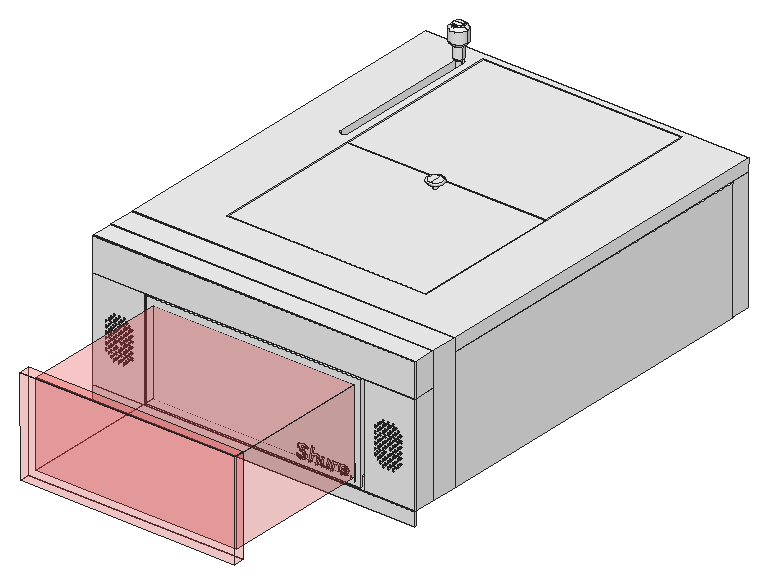
Revit family "Security_ShureSAFE-SPT217", category Generic Models, Revit 2026
Family settings
  Can host rebar = No
  Round Connector Dimension = Use Diameter
  Part Type = Normal
  Work Plane-Based = No
  Always vertical = Yes
  Cut with Voids When Loaded = No
  Maintain Annotation Orientation = No
  Shared = No
  Room Calculation Point = No
Parameters
  URL = "https://www.shuresafe.com/product-category/secure-transaction-drawers/"
  Type Comments = ""
  Specifications = "https://www.arcat.com/company/shure-mfg--corp-35487/spec"
  ProductData = "https://www.arcat.com/arcatcos/cos35/arc35487.html"
  Model = "SPT217"
  Manufacturer = "ShureSAFE"
  Keynote = ""
  Description = ""
  Default Elevation = 0' - 0"
  Cost = 0
  Clearence [instance] = yes
  CADDetails = "https://www.arcat.com/company/shure-mfg--corp-35487/cad"
  Assembly Code = "119713"
Reference planes (in)
  plane 1 "Center (Front/Back)": y = 0
  plane 2: z = 0
  plane 3 "Center (Left/Right)": x = 0
  plane 4: z = 0
  plane 5: y = 7.3758
  plane 6: x = -12
  plane 7: x = 12
  plane 8: z = 8.84375
  plane 9: z = 7.84375
  plane 10: x = -8
  plane 11: x = 8
  plane 12: z = 6.25569
  plane 13: z = 2.63069
  plane 14: y = 38.3758
  plane 15: y = 40.05757
  plane 16: y = -4.3742
  plane 17: z = -1.15625
Forms (in)
  Extrusion 1, solid, material "ShureSAFE"
    sketch origin (0.01682, 19.6258, 0) x (0, -1, 0) y (1, 0, 0)
      loop
        line (8.57169, -12.01682) -> (8.57169, -11.08521) -> (-17.27497, -11.08521) -> (-17.27497, -12.01682) -> (8.57169, -12.01682)
      loop
        line (8.57102, 11.0802) -> (8.57102, 11.98318) -> (-17.27497, 11.98318) -> (-17.27497, 11.0802) -> (8.57102, 11.0802)
      loop
        line (-18.75, -12.01682) -> (-17.3089, -12.01682) -> (-17.3089, 11.98318) -> (-18.75, 11.98318) -> (-18.75, -12.01682)
    from -1.15625 to 7.84375
  Extrusion 2, solid, not visible
    sketch origin (-1.52417, -6.7296, 0) x (0.707107, -0.707107, 0) y (0, 0, 1)
      loop
        circle (1, 21.8954) r 0.25
    from 0 to 5.8425
  Extrusion 3, solid, not visible
    sketch origin (-1.52417, -6.7296, 0) x (0.707107, -0.707107, 0) y (0, 0, 1)
      loop
        circle (1, 21.8954) r 0.5
    from 5.8125 to 6.125
  Extrusion 4, solid, material "ShureSAFE"
    sketch origin (0, 0, 0) x (1, 0, 0) y (0, 0, 1)
      loop
        line (-12, -2.15625) -> (12, -2.15625) -> (12, -1.15625) -> (-12, -1.15625) -> (-12, -2.15625)
      loop
        line (-8.16676, -1.11719) -> (-8.16676, 6.31607) -> (-12, 6.31607) -> (-12, -1.11719) -> (-8.16676, -1.11719)
      loop
        line (8.22105, -1.11719) -> (12, -1.11719) -> (12, 6.31607) -> (8.22105, 6.31607) -> (8.22105, -1.11719)
      loop
        line (-12, 6.35513) -> (12, 6.35513) -> (12, 8.84375) -> (-12, 8.84375) -> (-12, 6.35513)
      loop
        circle (-10.7469, 3.70058) r 0.09375
      loop
        circle (-10.9344, 3.51308) r 0.09375
      loop
        circle (-10.5594, 3.88808) r 0.09375
      loop
        circle (-10.3719, 4.07558) r 0.09375
      loop
        circle (-10.1844, 3.88808) r 0.09375
      loop
        circle (-9.9969, 4.07558) r 0.09375
      loop
        circle (-9.6219, 4.07558) r 0.09375
      loop
        circle (-9.4344, 3.88808) r 0.09375
      loop
        circle (-10.7469, 3.32558) r 0.09375
      loop
        circle (-10.5594, 3.51308) r 0.09375
      loop
        circle (-10.3719, 3.70058) r 0.09375
      loop
        circle (-9.9969, 3.70058) r 0.09375
      loop
        circle (-9.8094, 3.88808) r 0.09375
      loop
        circle (-9.6219, 3.70058) r 0.09375
      loop
        circle (-9.2469, 3.70058) r 0.09375
      loop
        circle (-9.0594, 3.51308) r 0.09375
      loop
        circle (-9.4344, 3.51308) r 0.09375
      loop
        circle (-9.2469, 3.32558) r 0.09375
      loop
        circle (-10.9344, 3.13808) r 0.09375
      loop
        circle (-10.5594, 3.13808) r 0.09375
      loop
        circle (-10.3719, 3.32558) r 0.09375
      loop
        circle (-10.1844, 3.51308) r 0.09375
      loop
        circle (-9.8094, 3.51308) r 0.09375
      loop
        circle (-9.6219, 3.32558) r 0.09375
      loop
        circle (-9.9969, 3.32558) r 0.09375
      loop
        circle (-10.1844, 3.13808) r 0.09375
      loop
        circle (-10.3719, 2.95058) r 0.09375
      loop
        circle (-10.7469, 2.95058) r 0.09375
      loop
        circle (-10.9344, 2.76308) r 0.09375
      loop
        circle (-10.5594, 2.76308) r 0.09375
      loop
        circle (-10.1844, 2.76308) r 0.09375
      loop
        circle (-9.9969, 2.95058) r 0.09375
      loop
        circle (-9.8094, 3.13808) r 0.09375
      loop
        circle (-9.4344, 3.13808) r 0.09375
      loop
        circle (-9.0594, 3.13808) r 0.09375
      loop
        circle (-9.2469, 2.95058) r 0.09375
      loop
        circle (-9.4344, 2.76308) r 0.09375
      loop
        circle (-9.6219, 2.95058) r 0.09375
      loop
        circle (-9.0594, 2.76308) r 0.09375
      loop
        circle (-9.2469, 2.57558) r 0.09375
      loop
        circle (-9.4344, 2.38808) r 0.09375
      loop
        circle (-9.6219, 2.57558) r 0.09375
      loop
        circle (-9.8094, 2.76308) r 0.09375
      loop
        circle (-9.9969, 2.57558) r 0.09375
      loop
        circle (-10.3719, 2.57558) r 0.09375
      loop
        circle (-10.7469, 2.57558) r 0.09375
      loop
        circle (-10.9344, 2.38808) r 0.09375
      loop
        circle (-10.7469, 2.20058) r 0.09375
      loop
        circle (-10.5594, 2.38808) r 0.09375
      loop
        circle (-10.1844, 2.38808) r 0.09375
      loop
        circle (-9.8094, 2.38808) r 0.09375
      loop
        circle (-9.6219, 2.20058) r 0.09375
      loop
        circle (-9.2469, 2.20058) r 0.09375
      loop
        circle (-9.0594, 2.38808) r 0.09375
      loop
        circle (-9.0594, 2.01308) r 0.09375
      loop
        circle (-9.2469, 1.82558) r 0.09375
      loop
        circle (-9.4344, 2.01308) r 0.09375
      loop
        circle (-9.6219, 1.82558) r 0.09375
      loop
        circle (-9.8094, 2.01308) r 0.09375
      loop
        circle (-9.9969, 1.82558) r 0.09375
      loop
        circle (-10.1844, 2.01308) r 0.09375
      loop
        circle (-10.3719, 2.20058) r 0.09375
      loop
        circle (-10.5594, 2.01308) r 0.09375
      loop
        circle (-10.9344, 2.01308) r 0.09375
      loop
        circle (-10.7469, 1.82558) r 0.09375
      loop
        circle (-10.3719, 1.82558) r 0.09375
      loop
        circle (-10.5594, 1.63808) r 0.09375
      loop
        circle (-10.9344, 1.63808) r 0.09375
      loop
        circle (-10.7469, 1.45058) r 0.09375
      loop
        circle (-10.1844, 1.63808) r 0.09375
      loop
        circle (-10.3719, 1.45058) r 0.09375
      loop
        circle (-10.5594, 1.26308) r 0.09375
      loop
        circle (-9.8094, 1.63808) r 0.09375
      loop
        circle (-9.4344, 1.63808) r 0.09375
      loop
        circle (-9.0594, 1.63808) r 0.09375
      loop
        circle (-9.2469, 1.45058) r 0.09375
      loop
        circle (-9.4344, 1.26308) r 0.09375
      loop
        circle (-9.6219, 1.45058) r 0.09375
      loop
        circle (-9.8094, 1.26308) r 0.09375
      loop
        circle (-9.9969, 1.45058) r 0.09375
      loop
        circle (-10.1844, 1.26308) r 0.09375
      loop
        circle (-10.3719, 1.07558) r 0.09375
      loop
        circle (-9.9969, 1.07558) r 0.09375
      loop
        circle (-9.6219, 1.07558) r 0.09375
      loop
        circle (9.28325, 3.70058) r 0.09375
      loop
        circle (9.09575, 3.51308) r 0.09375
      loop
        circle (9.47075, 3.88808) r 0.09375
      loop
        circle (9.65825, 4.07558) r 0.09375
      loop
        circle (9.84575, 3.88808) r 0.09375
      loop
        circle (10.03325, 4.07558) r 0.09375
      loop
        circle (10.40825, 4.07558) r 0.09375
      loop
        circle (10.59575, 3.88808) r 0.09375
      loop
        circle (9.28325, 3.32558) r 0.09375
      loop
        circle (9.47075, 3.51308) r 0.09375
      loop
        circle (9.65825, 3.70058) r 0.09375
      loop
        circle (10.03325, 3.70058) r 0.09375
      loop
        circle (10.22075, 3.88808) r 0.09375
      loop
        circle (10.40825, 3.70058) r 0.09375
      loop
        circle (10.78325, 3.70058) r 0.09375
      loop
        circle (10.97075, 3.51308) r 0.09375
      loop
        circle (10.59575, 3.51308) r 0.09375
      loop
        circle (10.78325, 3.32558) r 0.09375
      loop
        circle (9.09575, 3.13808) r 0.09375
      loop
        circle (9.47075, 3.13808) r 0.09375
      loop
        circle (9.65825, 3.32558) r 0.09375
      loop
        circle (9.84575, 3.51308) r 0.09375
      loop
        circle (10.22075, 3.51308) r 0.09375
      loop
        circle (10.40825, 3.32558) r 0.09375
      loop
        circle (10.03325, 3.32558) r 0.09375
      loop
        circle (9.84575, 3.13808) r 0.09375
      loop
        circle (9.65825, 2.95058) r 0.09375
      loop
        circle (9.28325, 2.95058) r 0.09375
      loop
        circle (9.09575, 2.76308) r 0.09375
      loop
        circle (9.47075, 2.76308) r 0.09375
      loop
        circle (9.84575, 2.76308) r 0.09375
      loop
        circle (10.03325, 2.95058) r 0.09375
      loop
        circle (10.22075, 3.13808) r 0.09375
      loop
        circle (10.59575, 3.13808) r 0.09375
      loop
        circle (10.97075, 3.13808) r 0.09375
      loop
        circle (10.78325, 2.95058) r 0.09375
      loop
        circle (10.59575, 2.76308) r 0.09375
      loop
        circle (10.40825, 2.95058) r 0.09375
      loop
        circle (10.97075, 2.76308) r 0.09375
      loop
        circle (10.78325, 2.57558) r 0.09375
      loop
        circle (10.59575, 2.38808) r 0.09375
      loop
        circle (10.40825, 2.57558) r 0.09375
      loop
        circle (10.22075, 2.76308) r 0.09375
      loop
        circle (10.03325, 2.57558) r 0.09375
      loop
        circle (9.65825, 2.57558) r 0.09375
      loop
        circle (9.28325, 2.57558) r 0.09375
      loop
        circle (9.09575, 2.38808) r 0.09375
      loop
        circle (9.28325, 2.20058) r 0.09375
      loop
        circle (9.47075, 2.38808) r 0.09375
      loop
        circle (9.84575, 2.38808) r 0.09375
      loop
        circle (10.22075, 2.38808) r 0.09375
      loop
        circle (10.40825, 2.20058) r 0.09375
      loop
        circle (10.78325, 2.20058) r 0.09375
      loop
        circle (10.97075, 2.38808) r 0.09375
      loop
        circle (10.97075, 2.01308) r 0.09375
      loop
        circle (10.78325, 1.82558) r 0.09375
      loop
        circle (10.59575, 2.01308) r 0.09375
      loop
        circle (10.40825, 1.82558) r 0.09375
      loop
        circle (10.22075, 2.01308) r 0.09375
      loop
        circle (10.03325, 1.82558) r 0.09375
      loop
        circle (9.84575, 2.01308) r 0.09375
      loop
        circle (9.65825, 2.20058) r 0.09375
      loop
        circle (9.47075, 2.01308) r 0.09375
      loop
        circle (9.09575, 2.01308) r 0.09375
      loop
        circle (9.28325, 1.82558) r 0.09375
      loop
        circle (9.65825, 1.82558) r 0.09375
      loop
        circle (9.47075, 1.63808) r 0.09375
      loop
        circle (9.09575, 1.63808) r 0.09375
      loop
        circle (9.28325, 1.45058) r 0.09375
      loop
        circle (9.84575, 1.63808) r 0.09375
      loop
        circle (9.65825, 1.45058) r 0.09375
      loop
        circle (9.47075, 1.26308) r 0.09375
      loop
        circle (10.22075, 1.63808) r 0.09375
      loop
        circle (10.59575, 1.63808) r 0.09375
      loop
        circle (10.97075, 1.63808) r 0.09375
      loop
        circle (10.78325, 1.45058) r 0.09375
      loop
        circle (10.59575, 1.26308) r 0.09375
      loop
        circle (10.40825, 1.45058) r 0.09375
      loop
        circle (10.22075, 1.26308) r 0.09375
      loop
        circle (10.03325, 1.45058) r 0.09375
      loop
        circle (9.84575, 1.26308) r 0.09375
      loop
        circle (9.65825, 1.07558) r 0.09375
      loop
        circle (10.03325, 1.07558) r 0.09375
      loop
        circle (10.40825, 1.07558) r 0.09375
    from -7.43575 to -7.3758
  Extrusion 5, solid, material "ShureSAFE"
    sketch origin (0, 0, 0) x (1, 0, 0) y (0, 0, 1)
      loop
        line (-7.95522, -0.97636) -> (7.98228, -0.97636) -> (7.98228, 6.23774) -> (-7.95522, 6.23774) -> (-7.95522, -0.97636)
      loop
        arc (3.19199, -0.29883) -> (3.23238, -0.39804) -> (3.29634, -0.48398) r 0.42416
        arc (3.29634, -0.48398) -> (3.49149, -0.60144) -> (3.71924, -0.60524) r 0.4388
        arc (3.71924, -0.60524) -> (3.89435, -0.52715) -> (4.02274, -0.38474) r 0.46251
        arc (4.02274, -0.38474) -> (4.0289, -0.2528) -> (3.95069, -0.14635) r 0.19795
        line (3.95069, -0.14635) -> (3.53803, 0.19323)
        arc (3.53803, 0.19323) -> (3.53369, 0.24593) -> (3.57788, 0.27495) r 0.05176
        arc (3.57788, 0.27495) -> (3.67418, 0.28495) -> (3.76891, 0.26493) r 0.31181
        arc (3.76891, 0.26493) -> (3.80271, 0.2337) -> (3.81287, 0.1888) r 0.07758
        line (3.81287, 0.1888) -> (4.08939, 0.1888)
        arc (4.08939, 0.1888) -> (4.05867, 0.27087) -> (4.01034, 0.34396) r 0.38839
        arc (4.01034, 0.34396) -> (3.65808, 0.50839) -> (3.30583, 0.34396) r 0.45953
        arc (3.30583, 0.34396) -> (3.24428, 0.20691) -> (3.29766, 0.06648) r 0.19629
        line (3.29766, 0.06648) -> (3.7311, -0.2902)
        arc (3.7311, -0.2902) -> (3.751, -0.33327) -> (3.7311, -0.37634) r 0.05655
        arc (3.7311, -0.37634) -> (3.6213, -0.39441) -> (3.51149, -0.37634) r 0.34273
        arc (3.51149, -0.37634) -> (3.4776, -0.34423) -> (3.46674, -0.29883) r 0.08198
        line (3.46674, -0.29883) -> (3.19199, -0.29883)
      loop
        line (4.30598, 0.51126) -> (4.10652, -0.61994) -> (4.33209, -0.61994) -> (4.41712, -0.13768)
        arc (4.41712, -0.13768) -> (4.57861, -0.03393) -> (4.68661, -0.19261) r 0.13756
        line (4.68661, -0.19261) -> (4.6115, -0.61994) -> (4.83463, -0.61994) -> (4.92651, -0.09886)
        arc (4.92651, -0.09886) -> (4.76639, 0.16779) -> (4.46015, 0.11345) r 0.27429
        line (4.46015, 0.11345) -> (4.53029, 0.51126) -> (4.30598, 0.51126)
      loop
        circle (7.25344, -0.49017) r 0.07928
      loop
        line (5.24188, 0.11168) -> (5.01875, 0.11168) -> (4.94341, -0.3156)
        arc (4.94341, -0.3156) -> (5.09696, -0.58085) -> (5.40323, -0.56931) r 0.29714
        line (5.40323, -0.56931) -> (5.3943, -0.61994) -> (5.61743, -0.61994) -> (5.74644, 0.11168) -> (5.52331, 0.11168) -> (5.44433, -0.33622)
        arc (5.44433, -0.33622) -> (5.28641, -0.43379) -> (5.17138, -0.2881) r 0.1395
        line (5.17138, -0.2881) -> (5.24188, 0.11168)
      loop
        line (6.08462, 0.11168) -> (5.84321, 0.11168) -> (5.71421, -0.61994) -> (5.95561, -0.61994) -> (6.03526, -0.16824)
        arc (6.03526, -0.16824) -> (6.12046, -0.0696) -> (6.25064, -0.07601) r 0.14867
        line (6.25064, -0.07601) -> (6.29054, 0.11168)
        arc (6.29054, 0.11168) -> (6.17774, 0.10295) -> (6.0748, 0.05601) r 0.32443
        line (6.0748, 0.05601) -> (6.08462, 0.11168)
      loop
        line (6.55831, -0.15703) -> (6.85282, -0.15703)
        arc (6.85282, -0.15703) -> (6.81074, -0.06582) -> (6.71564, -0.03351) r 0.12731
        arc (6.71564, -0.03351) -> (6.61829, -0.07147) -> (6.55831, -0.15703) r 0.18041
      loop
        arc (6.8155, -0.3271) -> (6.72542, -0.39512) -> (6.61257, -0.39304) r 0.17287
        arc (6.61257, -0.39304) -> (6.54755, -0.33837) -> (6.53272, -0.25473) r 0.12451
        line (6.53272, -0.25473) -> (7.11793, -0.25473)
        arc (7.11793, -0.25473) -> (6.70231, 0.16089) -> (6.28669, -0.25473) r 0.41562
        arc (6.28669, -0.25473) -> (6.38549, -0.50255) -> (6.6277, -0.6144) r 0.36018
        arc (6.6277, -0.6144) -> (6.9076, -0.53869) -> (7.10585, -0.3271) r 0.53039
        line (7.10585, -0.3271) -> (6.8155, -0.3271)
    from -8.17468 to -7.3758
  Extrusion 6, solid, material "ShureSAFE"
    sketch origin (0, 0.05995, 0) x (1, 0, 0) y (0, 0, 1)
      loop
        line (-8.16676, 6.31607) -> (-12, 6.31607) -> (-12, -1.15625) -> (12, -1.15625) -> (12, 6.31607) -> (8.22105, 6.31607) -> (8.22105, -0.15625) -> (-8.16676, -0.15625) -> (-8.16676, 6.31607)
      loop
        line (-12, 6.35513) -> (12, 6.35513) -> (12, 8.84375) -> (-12, 8.84375) -> (-12, 6.35513)
    from -8.95612 to -7.3758
  Extrusion 7, solid, material "Projection", visible <- "Clearence"
    sketch origin (0, 0, 0) x (1, 0, 0) y (0, 0, 1)
      loop
        line (7.48228, 5.73774) -> (-7.45522, 5.73774) -> (-7.45522, -0.47636) -> (7.48228, -0.47636) -> (7.48228, 5.73774)
    from -7.3758 to 3.57532
  Extrusion 8, solid, material "ShureSAFE"
    sketch origin (0, 0.05995, 0) x (1, 0, 0) y (0, 0, 1)
      loop
        line (2.98972, -0.76878) -> (7.48972, -0.76878) -> (7.48972, 0.56763) -> (2.98972, 0.56763) -> (2.98972, -0.76878)
    from -7.43575 to -7.3758
  Extrusion 9, solid, material "ShureSAFE"
    sketch origin (0.01682, 19.6258, 0) x (0, -1, 0) y (1, 0, 0)
      loop
        line (10.56824, -12.01682) -> (10.56824, 11.98318) -> (8.60685, 11.98318) -> (8.60685, -12.01682) -> (10.56824, -12.01682)
    from -1.15625 to 8.84375
  Extrusion 10, solid, material "ShureSAFE"
    sketch origin (0.01682, 19.6258, 1) x (0, -1, 0) y (1, 0, 0)
      loop
        line (8.57169, -12.01682) -> (8.57169, 11.98318) -> (-18.75, 11.98318) -> (-18.75, -12.01682) -> (8.57169, -12.01682)
      loop
        arc (-6.46289, -8.52195) -> (-6.15039, -8.20945) -> (-6.46289, -7.89695) r 0.3125
        line (-6.46289, -7.89695) -> (-17.16783, -7.89695)
        arc (-17.16783, -7.89695) -> (-17.48033, -8.20945) -> (-17.16783, -8.52195) r 0.3125
        line (-17.16783, -8.52195) -> (-6.46289, -8.52195)
      loop
        line (5.57169, -7.35023) -> (5.57169, 7.46427) -> (-18.25, 7.46427) -> (-18.25, -7.35023) -> (5.57169, -7.35023)
    from 6.87276 to 7.84375
  Extrusion 11, solid, material "ShureSAFE"
    sketch origin (0.01682, 20.50276, 8.59375) x (0, -1, 0) y (1, 0, 0)
      loop
        line (-17.33789, -7.31507) -> (-4.71427, -7.31507) -> (-4.71427, 7.42911) -> (-17.33789, 7.42911) -> (-17.33789, -7.31507)
      loop
        line (6.41349, 7.42911) -> (-4.67912, 7.42911) -> (-4.67912, -7.31507) -> (6.41349, -7.31507) -> (6.41349, 7.42911)
    from 0 to 0.25
  Revolve 12, solid, material "ShureSAFE"
    sketch origin (0, 34.51503, 4.08468) x (0, -1, 0) y (0, 0, 1)
      loop
        line (10.40194, 4.75907) -> (10.40194, 5.16912) -> (10.78475, 5.16912)
        arc (10.78475, 5.16912) -> (10.84995, 5.23432) -> (10.78475, 5.29952) r 0.0652
        line (10.78475, 5.29952) -> (10.2535, 5.29952) -> (10.2535, 4.75907) -> (10.40194, 4.75907)
      axis (10.2535, 4.75907) -> (10.2535, 5.29952)
    angle from 0 to 360
  Revolve 13, solid, material "ShureSAFE"
    sketch origin (-0.86625, 36.66319, 2.7807) x (1, 0, 0) y (0, 0, 1)
      loop
        line (-7.31611, 8.76515) -> (-7.31611, 4.86155) -> (-7.12754, 4.86155) -> (-7.12754, 6.31999) -> (-7.08405, 6.31999) -> (-6.9903, 6.41374) -> (-6.9903, 7.28141) -> (-7.07118, 7.28141)
        arc (-7.07118, 7.28141) -> (-6.84921, 7.39673) -> (-6.6778, 7.5789) r 0.74651
        line (-6.6778, 7.5789) -> (-6.6778, 8.4113)
        arc (-6.6778, 8.4113) -> (-6.7633, 8.51956) -> (-6.86928, 8.60788) r 0.66556
        line (-6.86928, 8.60788) -> (-6.93742, 8.60788) -> (-6.93742, 8.66046)
        arc (-6.93742, 8.66046) -> (-6.95289, 8.69255) -> (-6.98154, 8.71372) r 0.07417
        arc (-6.98154, 8.71372) -> (-7.14686, 8.75222) -> (-7.31611, 8.76515) r 1.11403
      axis (-7.31611, 8.76515) -> (-7.31611, 4.86155)
    angle from 0 to 360
  Extrusion 14, solid, material "Projection", visible <- "Clearence"
    sketch origin (0, -11.75, 0) x (1, 0, 0) y (0, 0, 1)
      loop
        line (-8, 6.25569) -> (-8, -0.99431) -> (8, -0.99431) -> (8, 6.25569) -> (-8, 6.25569)
    from -8.17468 to -7.3758
  Extrusion 15, solid, material "ShureSAFE"
    sketch origin (0.01682, 19.6258, -1.15625) x (0, -1, 0) y (1, 0, 0)
      loop
        line (-17.3089, -11.08521) -> (8.57169, -11.08521) -> (8.57169, 11.08063) -> (-17.3089, 11.08063) -> (-17.3089, -11.08521)
    from 0 to 0.25
Dimensions and locks (in)
  Extrusion 6 to Extrusion 6 = 2' - 0"
  Extrusion 4 to Extrusion 4 = 0' - 11"
  Extrusion 4 to Extrusion 4 = 0' - 10"
  Extrusion 10 to Extrusion 10 = 2' - 0"
  plane 14 to plane 5 to plane 16 = 2' - 7", 0' - 11 3/4"  (x2)
  Extrusion 14 to Extrusion 14 = 0' - 7 1/4"
  Extrusion 14 to Extrusion 14 = 1' - 4"
  plane 16 to plane 5 = 0' - 11 3/4"
  plane 5 to plane 14 = 2' - 7"
  plane 17 to plane 8 = 0' - 10"  (x2)
  Extrusion 4 to plane 8 = 0' - 11"  (x2)
  aligned and locked: plane 2 to level
